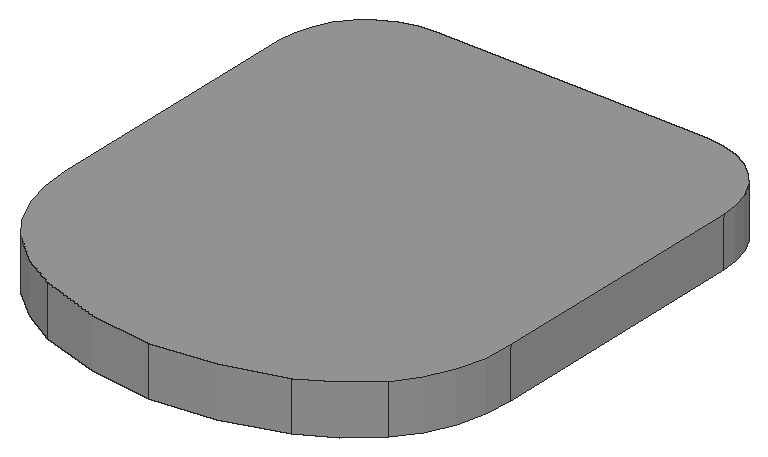
Revit family "IS_Tempo_Multiproduct_BIM_GB_T6792;T6793", category Plumbing Fixtures, host Face, Revit 2012
Parameters (values of type "T697301 - Tempo Seat & Cover, Slow Close")
  WaterEfficientProduct = no
  WarrantyStartDate = "0"
  WarrantyGuarantorParts = Manufacturer  # "Ideal Standard International Ltd"
  WarrantyDurationUnit = "Years"
  WarrantyDurationParts = "5"
  WarrantyDescription = "Manufacturers Warranty"
  WRAS = no
  VolumeUnits = "Litres"
  Version = "1"
  Uniclass2 = ""
  URL = "www.idealspec.co.uk"
  Type Comments = "n/a"
  ToiletType = "n/a"
  ToiletPanType = "n/a"
  TagNumber = "n/a"
  SustainabilityPerformance = "n/a"
  StandardsConformance = "n/a"
  SpareParts = "www.fastpart-spares.co.uk"
  Space = "Internal"
  Size = "425mm x 358mm x 40mm"
  Shape = "Soft Square"
  SerialNumber = "n/a"
  SendEnquiry = "http://www.idealspec.co.uk/contact-us.html"
  SalesInformation = "http://www.idealspec.co.uk/contact-us.html"
  ReplacementCost = "n/a"
  ProductInformation = "http://www.idealspec.co.uk/assets/datasheet/T327901"
  ProductDataSheet = "http://www.idealspec.co.uk/assets/datasheet/T327901"
  PredefinedType = "toiletpan"
  Phone = "01482 346 461"
  PartNumber = Model  # "T697301"
  PanMounting = ""
  NominalWidth = 358.007 mm
  NominalLength = 425.142 mm
  NominalHeight = 40 mm
  NominalDepth = ""
  NettWeight = "2.3Kg"
  Name = "TOILETSEAT_IdealStandard_Tempo-AllVariants"
  NBSTypeID = "n/a"
  NBSReference = "300"
  NBSOfficeMasterTag = "n/a"
  NBSNote = "n/a"
  NBSDescription = ""
  NBSCertification = "n/a"
  ModelReference = Model  # "T697301"
  ModelNumber = "T697301"
  Model = "T697301"
  Material = "Plastic"
  ManufacturerURL = "www.idealspec.co.uk"
  Manufacturer = "Ideal Standard International Ltd"
  MaintenanceInformation = "Productinfo@thebluebook.co.uk"
  LinearUnits = "mm"
  InstallationInstructions = "http://www.idealspec.co.uk/resources.html"
  InstallationDate = "0"
  Help = "http://www.idealspec.co.uk/contact-us.html"
  GrossWeight = "n/a"
  Grade = "n/a"
  Finish = Color  # "White"
  Features = "Slow Close"
  ExpectedLife = "15"
  Email = "Productinfo@thebluebook.co.uk"
  ElementType = "TOILETPAN: Soil appliance for the disposal of excrement"
  ECA = no
  DurationUnit = "Years"
  DistributedBy = "n/a"
  Description = "Tempo Seat & Cover,  Slow Close"
  Default Elevation = 1219.2 mm
  CurrentRevision = "1"
  CurrencyUnit = "n/a"
  CreatedOn = "2014-10-14"
  CreatedBy = Manufacturer  # "Ideal Standard International Ltd"
  Constituents = "n/a"
  ConnectionType = "Plumbing"
  ComponentNames = "n/a"
  Company = Manufacturer  # "Ideal Standard International Ltd"
  Color = "White"
  CodePerformance = "n/a"
  Category = "SanitaryTerminal_TOILETPAN_UK"
  Brand = Manufacturer  # "Ideal Standard International Ltd"
  BarCode = "n/a"
  BREEAM Approved = no
  BIMObjectName = "TOILETSEAT_IdealStandard_Tempo-AllVariants"
  Author = "Ideal Standard"
  AssetType = "Fixed"
  AssetIdentifier = "n/a"
  Assembly Code = "C1030200"
  AreaUnits = "mm"
  AreaMeasurement = "n/a"
  Accessories = "www.idealspec.co.uk"
  AccessibilityPerformance = "n/a"
Types (2, lengths in mm): name | PartNumber | ModelReference | ModelNumber | Model | Features | Description
  T679201 - Tempo Seat & Cover | "T697201" | "T697201" | "T697201" | "T697201" | "Standard Close" | "Tempo Seat & Cover"
  T697301 - Tempo Seat & Cover, Slow Close | "T697301" | "T697301" | "T697301" | "T697301" | "Slow Close" | "Tempo Seat & Cover,  Slow Close"
Reference planes
  plane 1 "Center (Front/Back)": y = 0
  plane 2: z = 0
  plane 3 "Center (Left/Right)": x = 0
Dimensions and locks
  "NominalLength": nested 1 to plane 1 "Center (Front/Back)"
  "NominalWidth": nested 1 to nested 1
  "NominalHeight": nested 1 to host face
  aligned and locked: plane 2 to host face
  aligned and locked: level to host face
  aligned and locked: plane 1 "Center (Front/Back)" to nested 1
  aligned and locked: plane 3 "Center (Left/Right)" to nested 1
  aligned and locked: nested 1 to plane 2
Automatic sketch dimensions
  host sketch curve to host sketch curve = 2438.4 mm  (x2)
Nested families
  nested 1: "TempoSeat" at (0, 0, 0), type "TempoSeat", detail levels medium+fine
Definition of nested family "TempoSeat"
  Parameters (values of type "TempoSeat")
    Default Elevation = 1219.2 mm
  Reference planes
    plane 1 "Center (Front/Back)": y = 0
    plane 2: z = 0
    plane 3 "Center (Left/Right)": x = 0
  Forms (mm)
    Extrusion 1, solid
      sketch origin (0, 0, 0) x (1, 0, 0) y (0, 1, 0)
        loop
          line (-1219.2, 1219.2) -> (-1219.2, -1219.2) -> (1219.2, -1219.2) -> (1219.2, 1219.2) -> (-1219.2, 1219.2)
      from 0 to -304.8
    Extrusion 2, solid, material "Seat"
      sketch origin (0, 0, 0) x (1, 0, 0) y (0, 1, 0)
        loop
          line (0, 0) -> (-109.003, 0)
          arc (-109.003, 0) -> (-158.501, -20.503) -> (-179.003, -70) r 70
          line (-179.003, -70) -> (-179.003, -284.378)
          arc (-179.003, -284.378) -> (-171.442, -329.513) -> (-148.222, -368.95) r 125.686
          arc (-148.222, -368.95) -> (-124.734, -388.493) -> (-98.336, -403.88) r 184.027
          arc (-98.336, -403.88) -> (-50.1, -418.77) -> (0, -424.967) r 286.658
          arc (0, -424.967) -> (50.1, -418.77) -> (98.336, -403.88) r 286.658
          arc (98.336, -403.88) -> (124.734, -388.493) -> (148.222, -368.95) r 184.027
          arc (148.222, -368.95) -> (171.442, -329.513) -> (179.003, -284.378) r 125.686
          line (179.003, -284.378) -> (179.003, -70)
          arc (179.003, -70) -> (158.501, -20.503) -> (109.003, 0) r 70
          line (109.003, 0) -> (0, 0)
      from 0 to 40
  Dimensions and locks
    aligned and locked: plane 2 to Extrusion 1
    aligned and locked: level to Extrusion 1
